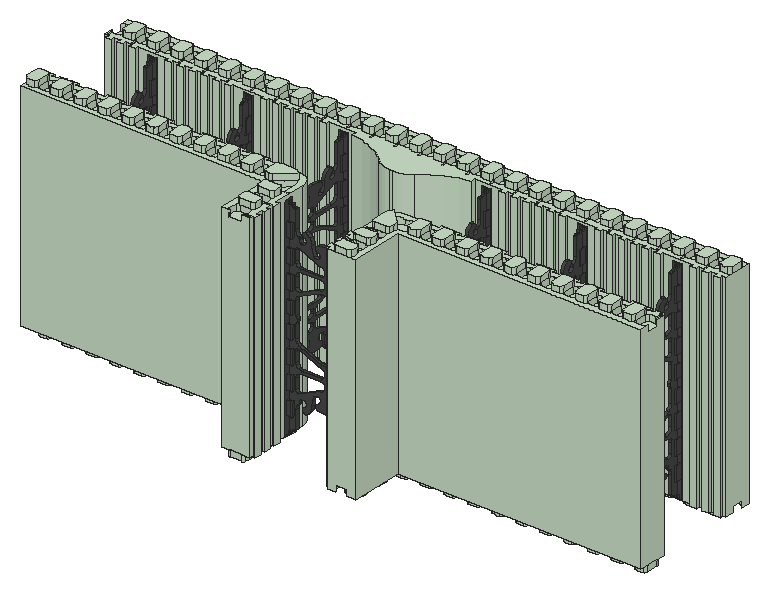
Revit family (continued)
Definition of nested family "6 inch Insert Web"
  Forms (in)
    Extrusion 2, solid, material "Polypropylene"
      sketch origin (0, 0, 0) x (0, 1, 0) y (0, 0, 1)
        loop
          arc (-2.1843, 2.77745) -> (-1.73923, 3.10405) -> (-1.77171, 2.55296) r 0.305
          arc (-1.77171, 2.55296) -> (-1.89426, 2.26698) -> (-1.60829, 2.14443) r 0.22
          arc (-1.60829, 2.14443) -> (-1.25428, 2.43963) -> (-1.14171, 2.8866) r 0.745
          arc (-1.14171, 2.8866) -> (-1.09808, 3.30155) -> (-0.96932, 3.69841) r 2
          arc (-0.96932, 3.69841) -> (-0.47025, 3.70214) -> (-0.63581, 3.23133) r 0.305
          arc (-0.63581, 3.23133) -> (-0.81067, 3.00701) -> (-0.64859, 2.77328) r 0.24
          arc (-0.64859, 2.77328) -> (-0.32877, 2.6924) -> (0, 2.66519) r 2
          arc (0, 2.66519) -> (0.32877, 2.6924) -> (0.64859, 2.77328) r 2
          arc (0.64859, 2.77328) -> (0.81067, 3.00701) -> (0.63581, 3.23133) r 0.24
          arc (0.63581, 3.23133) -> (0.47025, 3.70214) -> (0.96932, 3.69841) r 0.305
          arc (0.96932, 3.69841) -> (1.09808, 3.30155) -> (1.14171, 2.8866) r 2
          arc (1.14171, 2.8866) -> (1.25428, 2.43963) -> (1.60829, 2.14443) r 0.745
          arc (1.60829, 2.14443) -> (1.89426, 2.26698) -> (1.77171, 2.55296) r 0.22
          arc (1.77171, 2.55296) -> (1.73923, 3.10405) -> (2.1843, 2.77745) r 0.305
          arc (2.1843, 2.77745) -> (2.19232, 2.70357) -> (2.24086, 2.6473) r 0.125
          arc (2.24086, 2.6473) -> (2.43087, 2.44746) -> (2.5, 2.18051) r 0.55
          line (2.5, 2.18051) -> (2.5, 0.66519) -> (2.6, 0.66519) -> (2.6, 0.63412)
          arc (2.6, 0.63412) -> (2.61433, 0.59952) -> (2.64893, 0.58519) r 0.04893
          line (2.64893, 0.58519) -> (2.77609, 0.58519) -> (2.825, 0.43519)
          arc (2.825, 0.43519) -> (2.875, 0.40519) -> (2.925, 0.43519) r 0.05667
          line (2.925, 0.43519) -> (3, 0.66519) -> (3, 17.20772)
        loop
          line (0.3725, 12.82772) -> (2, 12.82772)
          arc (2, 12.82772) -> (2.35355, 12.97417) -> (2.5, 13.32772) r 0.5
          line (2.5, 13.32772) -> (2.5, 14.17596)
          arc (2.5, 14.17596) -> (2.38418, 14.38691) -> (2.14403, 14.40239) r 0.25
          line (2.14403, 14.40239) -> (0.95372, 13.84533)
          arc (0.95372, 13.84533) -> (0.66944, 13.7351) -> (0.37286, 13.66431) r 2.25
          arc (0.37286, 13.66431) -> (0.14871, 13.53669) -> (0.06, 13.29449) r 0.375
          line (0.06, 13.29449) -> (0.06, 13.14022)
          arc (0.06, 13.14022) -> (0.15153, 12.91925) -> (0.3725, 12.82772) r 0.3125
        loop
          arc (-0.06, 13.29449) -> (-0.14871, 13.53669) -> (-0.37286, 13.66431) r 0.375
          arc (-0.37286, 13.66431) -> (-0.66944, 13.7351) -> (-0.95372, 13.84533) r 2.25
          line (-0.95372, 13.84533) -> (-2.14403, 14.40239)
          arc (-2.14403, 14.40239) -> (-2.38418, 14.38691) -> (-2.5, 14.17596) r 0.25
          line (-2.5, 14.17596) -> (-2.5, 13.32772)
          arc (-2.5, 13.32772) -> (-2.35355, 12.97417) -> (-2, 12.82772) r 0.5
          line (-2, 12.82772) -> (-0.3725, 12.82772)
          arc (-0.3725, 12.82772) -> (-0.15153, 12.91925) -> (-0.06, 13.14022) r 0.3125
          line (-0.06, 13.14022) -> (-0.06, 13.29449)
        loop
          line (-2.5, 12.14772) -> (-2.5, 11.29949)
          arc (-2.5, 11.29949) -> (-2.38418, 11.08854) -> (-2.14403, 11.07306) r 0.25
          line (-2.14403, 11.07306) -> (-0.95372, 11.63012)
          arc (-0.95372, 11.63012) -> (-0.66944, 11.74035) -> (-0.37286, 11.81114) r 2.25
          arc (-0.37286, 11.81114) -> (-0.14871, 11.93876) -> (-0.06, 12.18096) r 0.375
          line (-0.06, 12.18096) -> (-0.06, 12.33522)
          arc (-0.06, 12.33522) -> (-0.15153, 12.5562) -> (-0.3725, 12.64772) r 0.3125
          line (-0.3725, 12.64772) -> (-2, 12.64772)
          arc (-2, 12.64772) -> (-2.35355, 12.50128) -> (-2.5, 12.14772) r 0.5
        loop
          line (0.06, 12.33522) -> (0.06, 12.18096)
          arc (0.06, 12.18096) -> (0.14871, 11.93876) -> (0.37286, 11.81114) r 0.375
          arc (0.37286, 11.81114) -> (0.66944, 11.74035) -> (0.95372, 11.63012) r 2.25
          line (0.95372, 11.63012) -> (2.14403, 11.07306)
          arc (2.14403, 11.07306) -> (2.38418, 11.08854) -> (2.5, 11.29949) r 0.25
          line (2.5, 11.29949) -> (2.5, 12.14772)
          arc (2.5, 12.14772) -> (2.35355, 12.50128) -> (2, 12.64772) r 0.5
          line (2, 12.64772) -> (0.3725, 12.64772)
          arc (0.3725, 12.64772) -> (0.15153, 12.5562) -> (0.06, 12.33522) r 0.3125
        loop
          line (-2.5, 9.24881) -> (-2.38, 9.04881) -> (-2.38, 8.93646) -> (-2.38, 8.82411) -> (-2.5, 8.62411) -> (-2.5, 7.48324)
          arc (-2.5, 7.48324) -> (-2.42188, 7.21488) -> (-2.21194, 7.03038) r 0.5
          line (-2.21194, 7.03038) -> (-0.95372, 6.44153)
          arc (-0.95372, 6.44153) -> (-0.48851, 6.28308) -> (0, 6.2294) r 2.25
          arc (0, 6.2294) -> (0.48851, 6.28308) -> (0.95372, 6.44153) r 2.25
          line (0.95372, 6.44153) -> (2.21194, 7.03038)
          arc (2.21194, 7.03038) -> (2.42188, 7.21488) -> (2.5, 7.48324) r 0.5
          line (2.5, 7.48324) -> (2.5, 8.62411) -> (2.38, 8.82411) -> (2.38, 8.93646) -> (2.38, 9.04881) -> (2.5, 9.24881) -> (2.5, 10.38968)
          arc (2.5, 10.38968) -> (2.42188, 10.65803) -> (2.21194, 10.84254) r 0.5
          line (2.21194, 10.84254) -> (0.95372, 11.43138)
          arc (0.95372, 11.43138) -> (0.48851, 11.58984) -> (0, 11.64351) r 2.25
          arc (0, 11.64351) -> (-0.48851, 11.58984) -> (-0.95372, 11.43138) r 2.25
          line (-0.95372, 11.43138) -> (-2.21194, 10.84254)
          arc (-2.21194, 10.84254) -> (-2.42188, 10.65803) -> (-2.5, 10.38968) r 0.5
          line (-2.5, 10.38968) -> (-2.5, 9.24881)
        loop
          line (-2.5, 6.57343) -> (-2.5, 5.72519)
          arc (-2.5, 5.72519) -> (-2.35355, 5.37164) -> (-2, 5.22519) r 0.5
          line (-2, 5.22519) -> (-0.3725, 5.22519)
          arc (-0.3725, 5.22519) -> (-0.15153, 5.31672) -> (-0.06, 5.53769) r 0.3125
          line (-0.06, 5.53769) -> (-0.06, 5.69196)
          arc (-0.06, 5.69196) -> (-0.14871, 5.93416) -> (-0.37286, 6.06178) r 0.375
          arc (-0.37286, 6.06178) -> (-0.66944, 6.13256) -> (-0.95372, 6.2428) r 2.25
          line (-0.95372, 6.2428) -> (-2.14403, 6.79986)
          arc (-2.14403, 6.79986) -> (-2.38418, 6.78437) -> (-2.5, 6.57343) r 0.25
        loop
          line (0.3725, 5.22519) -> (2, 5.22519)
          arc (2, 5.22519) -> (2.35355, 5.37164) -> (2.5, 5.72519) r 0.5
          line (2.5, 5.72519) -> (2.5, 6.57343)
          arc (2.5, 6.57343) -> (2.38418, 6.78437) -> (2.14403, 6.79986) r 0.25
          line (2.14403, 6.79986) -> (0.95372, 6.2428)
          arc (0.95372, 6.2428) -> (0.66944, 6.13256) -> (0.37286, 6.06178) r 2.25
          arc (0.37286, 6.06178) -> (0.14871, 5.93416) -> (0.06, 5.69196) r 0.375
          line (0.06, 5.69196) -> (0.06, 5.53769)
          arc (0.06, 5.53769) -> (0.15153, 5.31672) -> (0.3725, 5.22519) r 0.3125
        loop
          line (0.06, 4.73269) -> (0.06, 4.57842)
          arc (0.06, 4.57842) -> (0.14871, 4.33622) -> (0.37286, 4.20861) r 0.375
          arc (0.37286, 4.20861) -> (0.66944, 4.13782) -> (0.95372, 4.02759) r 2.25
          line (0.95372, 4.02759) -> (2.14403, 3.47052)
          arc (2.14403, 3.47052) -> (2.38418, 3.48601) -> (2.5, 3.69695) r 0.25
          line (2.5, 3.69695) -> (2.5, 4.54519)
          arc (2.5, 4.54519) -> (2.35355, 4.89874) -> (2, 5.04519) r 0.5
          line (2, 5.04519) -> (0.3725, 5.04519)
          arc (0.3725, 5.04519) -> (0.15153, 4.95366) -> (0.06, 4.73269) r 0.3125
        loop
          line (-0.06, 4.57842) -> (-0.06, 4.73269)
          arc (-0.06, 4.73269) -> (-0.15153, 4.95366) -> (-0.3725, 5.04519) r 0.3125
          line (-0.3725, 5.04519) -> (-2, 5.04519)
          arc (-2, 5.04519) -> (-2.35355, 4.89874) -> (-2.5, 4.54519) r 0.5
          line (-2.5, 4.54519) -> (-2.5, 3.69695)
          arc (-2.5, 3.69695) -> (-2.38418, 3.48601) -> (-2.14403, 3.47052) r 0.25
          line (-2.14403, 3.47052) -> (-0.95372, 4.02759)
          arc (-0.95372, 4.02759) -> (-0.66944, 4.13782) -> (-0.37286, 4.20861) r 2.25
          arc (-0.37286, 4.20861) -> (-0.14871, 4.33622) -> (-0.06, 4.57842) r 0.375
      from 0.125 to -0.125
    Extrusion 3, solid, material "High Density Polystyrene"
      sketch origin (0, 0, 0) x (0, 1, 0) y (0, 0, 1)
        loop
          line (3.21, 16.17792) -> (2.71, 16.17792) -> (2.71, 14.97792) -> (3.21, 14.97792) -> (3.21, 16.17792)
        loop
          line (3.21, 14.22792) -> (2.71, 14.22792) -> (2.71, 13.02792) -> (3.21, 13.02792) -> (3.21, 14.22792)
        loop
          line (3.21, 12.27792) -> (2.71, 12.27792) -> (2.71, 11.07792) -> (3.21, 11.07792) -> (3.21, 12.27792)
        loop
          line (3.21, 10.32792) -> (2.71, 10.32792) -> (2.71, 9.24792) -> (3.21, 9.24792) -> (3.21, 10.32792)
        loop
          line (3.21, 8.49792) -> (2.71, 8.49792) -> (2.71, 7.41792) -> (3.21, 7.41792) -> (3.21, 8.49792)
        loop
          line (3.21, 6.66792) -> (2.71, 6.66792) -> (2.71, 5.46792) -> (3.21, 5.46792) -> (3.21, 6.66792)
        loop
          line (3.21, 4.71792) -> (2.71, 4.71792) -> (2.71, 3.51792) -> (3.21, 3.51792) -> (3.21, 4.71792)
        loop
          line (3.21, 2.76792) -> (2.71, 2.76792) -> (2.71, 1.56792) -> (3.21, 1.56792) -> (3.21, 2.76792)
        loop
          line (-3.21, 16.17792) -> (-3.21, 14.97792) -> (-2.71, 14.97792) -> (-2.71, 16.17792) -> (-3.21, 16.17792)
        loop
          line (-3.21, 14.22792) -> (-3.21, 13.02792) -> (-2.71, 13.02792) -> (-2.71, 14.22792) -> (-3.21, 14.22792)
        loop
          line (-3.21, 12.27792) -> (-3.21, 11.07792) -> (-2.71, 11.07792) -> (-2.71, 12.27792) -> (-3.21, 12.27792)
        loop
          line (-3.21, 10.32792) -> (-3.21, 9.24792) -> (-2.71, 9.24792) -> (-2.71, 10.32792) -> (-3.21, 10.32792)
        loop
          line (-3.21, 8.49792) -> (-3.21, 7.41792) -> (-2.71, 7.41792) -> (-2.71, 8.49792) -> (-3.21, 8.49792)
        loop
          line (-3.21, 6.66792) -> (-3.21, 5.46792) -> (-2.71, 5.46792) -> (-2.71, 6.66792) -> (-3.21, 6.66792)
        loop
          line (-3.21, 4.71792) -> (-3.21, 3.51792) -> (-2.71, 3.51792) -> (-2.71, 4.71792) -> (-3.21, 4.71792)
        loop
          line (-3.21, 2.76792) -> (-3.21, 1.56792) -> (-2.71, 1.56792) -> (-2.71, 2.76792) -> (-3.21, 2.76792)
      from 0.25 to -0.25
    Extrusion 4, void
      sketch origin (0, 0, 0) x (1, 0, 0) y (0, 1, 0)
        loop
          line (-0.25, 2.79249) -> (-0.25, 2.71) -> (-0.1675, 2.71)
          arc (-0.1675, 2.71) -> (-0.22584, 2.73416) -> (-0.25, 2.79249) r 0.0825
      from 0 to 18
    Extrusion 5, void
      sketch origin (0, 0, 0) x (-1, 0, 0) y (0, -1, 0)
        loop
          arc (-0.25, -2.79249) -> (-0.22584, -2.73416) -> (-0.1675, -2.71) r 0.0825
          line (-0.1675, -2.71) -> (-0.25, -2.71) -> (-0.25, -2.79249)
      from 0 to 18
    Extrusion 6, void
      sketch origin (0, 0, 0) x (1, 0, 0) y (0, 1, 0)
        loop
          arc (-0.25, -2.79249) -> (-0.22584, -2.73416) -> (-0.1675, -2.71) r 0.0825
          line (-0.1675, -2.71) -> (-0.25, -2.71) -> (-0.25, -2.79249)
      from 0 to 18
    Extrusion 7, void
      sketch origin (0, 0, 0) x (-1, 0, 0) y (0, -1, 0)
        loop
          line (-0.25, 2.79249) -> (-0.25, 2.71) -> (-0.1675, 2.71)
          arc (-0.1675, 2.71) -> (-0.22584, 2.73416) -> (-0.25, 2.79249) r 0.0825
      from 0 to 18
  Cuts and joins
    Extrusion 4, Extrusion 5, Extrusion 6, Extrusion 7 cuts Extrusion 1
    Extrusion 4, Extrusion 5, Extrusion 6, Extrusion 7 cuts Extrusion 3
Definition of nested family "NUDURA Diamond Pattern Missing Two Lines"
  Reference planes (in)
    plane 1 "Center (Front/Back)": y = 0
    plane 2: z = 0
    plane 3 "Center (Left/Right)": x = 0
    plane 4: z = 18
  Lines and regions (in)
    model lines
      curve 1: line (2, -5.625, 18) -> (2, -5.625, 0)
      curve 2: line (3.35367, -5.625, 16.98484) -> (3.69709, -5.625, 16.64142)
      curve 3: arc (3.35367, -5.625, 17.51517) -> (3.24384, -5.625, 17.25) -> (3.35367, -5.625, 16.98484) r 0.375
      curve 4: line (3.72867, -5.625, 17.89017) -> (3.35367, -5.625, 17.51517)
      curve 5: arc (4.259, -5.625, 17.89017) -> (3.99384, -5.625, 18) -> (3.72867, -5.625, 17.89017) r 0.375
      curve 6: line (4.634, -5.625, 17.51517) -> (4.259, -5.625, 17.89017)
      curve 7: arc (4.634, -5.625, 16.98484) -> (4.74384, -5.625, 17.25) -> (4.634, -5.625, 17.51517) r 0.375
      curve 8: line (4.29059, -5.625, 16.64142) -> (4.634, -5.625, 16.98484)
      curve 9: arc (4.17062, -5.625, 17.80178) -> (3.99384, -5.625, 17.875) -> (3.81706, -5.625, 17.80178) r 0.25
      curve 10: line (4.54562, -5.625, 17.42678) -> (4.17062, -5.625, 17.80178)
      curve 11: arc (4.54562, -5.625, 17.07322) -> (4.61884, -5.625, 17.25) -> (4.54562, -5.625, 17.42678) r 0.25
      curve 12: line (4.17062, -5.625, 16.69822) -> (4.54562, -5.625, 17.07322)
      curve 13: arc (3.81706, -5.625, 16.69822) -> (3.99384, -5.625, 16.625) -> (4.17062, -5.625, 16.69822) r 0.25
      curve 14: line (3.44206, -5.625, 17.07322) -> (3.81706, -5.625, 16.69822)
      curve 15: arc (3.44206, -5.625, 17.42678) -> (3.36884, -5.625, 17.25) -> (3.44206, -5.625, 17.07322) r 0.25
      curve 16: line (3.81706, -5.625, 17.80178) -> (3.44206, -5.625, 17.42678)
      curve 17: arc (3.69709, -5.625, 16.35858) -> (3.75567, -5.625, 16.5) -> (3.69709, -5.625, 16.64142) r 0.2
      curve 18: line (4.634, -5.625, 16.01517) -> (4.29059, -5.625, 16.35858)
      curve 19: arc (4.634, -5.625, 15.48484) -> (4.74384, -5.625, 15.75) -> (4.634, -5.625, 16.01517) r 0.375
      curve 20: line (4.29059, -5.625, 15.14142) -> (4.634, -5.625, 15.48484)
      curve 21: line (3.35367, -5.625, 15.48484) -> (3.69709, -5.625, 15.14142)
      curve 22: arc (3.35367, -5.625, 16.01517) -> (3.24384, -5.625, 15.75) -> (3.35367, -5.625, 15.48484) r 0.375
      curve 23: line (3.69709, -5.625, 16.35858) -> (3.35367, -5.625, 16.01517)
      curve 24: arc (4.17062, -5.625, 16.30178) -> (3.99384, -5.625, 16.375) -> (3.81706, -5.625, 16.30178) r 0.25
      curve 25: line (3.81706, -5.625, 16.30178) -> (3.44206, -5.625, 15.92678)
      curve 26: arc (3.44206, -5.625, 15.92678) -> (3.36884, -5.625, 15.75) -> (3.44206, -5.625, 15.57322) r 0.25
      curve 27: line (3.44206, -5.625, 15.57322) -> (3.81706, -5.625, 15.19822)
      curve 28: arc (3.81706, -5.625, 15.19822) -> (3.99384, -5.625, 15.125) -> (4.17062, -5.625, 15.19822) r 0.25
      curve 29: line (4.17062, -5.625, 15.19822) -> (4.54562, -5.625, 15.57322)
      curve 30: arc (4.54562, -5.625, 15.57322) -> (4.61884, -5.625, 15.75) -> (4.54562, -5.625, 15.92678) r 0.25
      curve 31: line (4.54562, -5.625, 15.92678) -> (4.17062, -5.625, 16.30178)
      curve 32: arc (3.69709, -5.625, 14.85858) -> (3.75567, -5.625, 15) -> (3.69709, -5.625, 15.14142) r 0.2
      curve 33: line (4.634, -5.625, 14.51517) -> (4.29059, -5.625, 14.85858)
      curve 34: arc (4.634, -5.625, 13.98484) -> (4.74384, -5.625, 14.25) -> (4.634, -5.625, 14.51517) r 0.375
      curve 35: line (4.29059, -5.625, 13.64142) -> (4.634, -5.625, 13.98484)
      curve 36: line (3.35367, -5.625, 13.98484) -> (3.69709, -5.625, 13.64142)
      curve 37: arc (3.35367, -5.625, 14.51517) -> (3.24384, -5.625, 14.25) -> (3.35367, -5.625, 13.98484) r 0.375
      curve 38: line (3.69709, -5.625, 14.85858) -> (3.35367, -5.625, 14.51517)
      curve 39: arc (4.17062, -5.625, 14.80178) -> (3.99384, -5.625, 14.875) -> (3.81706, -5.625, 14.80178) r 0.25
      curve 40: line (3.81706, -5.625, 14.80178) -> (3.44206, -5.625, 14.42678)
      curve 41: arc (3.44206, -5.625, 14.42678) -> (3.36884, -5.625, 14.25) -> (3.44206, -5.625, 14.07322) r 0.25
      curve 42: line (3.44206, -5.625, 14.07322) -> (3.81706, -5.625, 13.69822)
      curve 43: arc (3.81706, -5.625, 13.69822) -> (3.99384, -5.625, 13.625) -> (4.17062, -5.625, 13.69822) r 0.25
      curve 44: line (4.17062, -5.625, 13.69822) -> (4.54562, -5.625, 14.07322)
      curve 45: arc (4.54562, -5.625, 14.07322) -> (4.61884, -5.625, 14.25) -> (4.54562, -5.625, 14.42678) r 0.25
      curve 46: line (4.54562, -5.625, 14.42678) -> (4.17062, -5.625, 14.80178)
      curve 47: arc (3.69709, -5.625, 13.35858) -> (3.75567, -5.625, 13.5) -> (3.69709, -5.625, 13.64142) r 0.2
      curve 48: line (4.634, -5.625, 13.01517) -> (4.29059, -5.625, 13.35858)
      curve 49: arc (4.634, -5.625, 12.48484) -> (4.74384, -5.625, 12.75) -> (4.634, -5.625, 13.01517) r 0.375
      curve 50: line (4.29059, -5.625, 12.14142) -> (4.634, -5.625, 12.48484)
      curve 51: line (3.35367, -5.625, 12.48484) -> (3.69709, -5.625, 12.14142)
      curve 52: arc (3.35367, -5.625, 13.01517) -> (3.24384, -5.625, 12.75) -> (3.35367, -5.625, 12.48484) r 0.375
      curve 53: line (3.69709, -5.625, 13.35858) -> (3.35367, -5.625, 13.01517)
      curve 54: arc (4.17062, -5.625, 13.30178) -> (3.99384, -5.625, 13.375) -> (3.81706, -5.625, 13.30178) r 0.25
      curve 55: line (3.81706, -5.625, 13.30178) -> (3.44206, -5.625, 12.92678)
      curve 56: arc (3.44206, -5.625, 12.92678) -> (3.36884, -5.625, 12.75) -> (3.44206, -5.625, 12.57322) r 0.25
      curve 57: line (3.44206, -5.625, 12.57322) -> (3.81706, -5.625, 12.19822)
      curve 58: arc (3.81706, -5.625, 12.19822) -> (3.99384, -5.625, 12.125) -> (4.17062, -5.625, 12.19822) r 0.25
      curve 59: line (4.17062, -5.625, 12.19822) -> (4.54562, -5.625, 12.57322)
      curve 60: arc (4.54562, -5.625, 12.57322) -> (4.61884, -5.625, 12.75) -> (4.54562, -5.625, 12.92678) r 0.25
      curve 61: line (4.54562, -5.625, 12.92678) -> (4.17062, -5.625, 13.30178)
      curve 62: arc (3.69709, -5.625, 11.85858) -> (3.75567, -5.625, 12) -> (3.69709, -5.625, 12.14142) r 0.2
      curve 63: line (4.634, -5.625, 11.51517) -> (4.29059, -5.625, 11.85858)
      curve 64: arc (4.634, -5.625, 10.98484) -> (4.74384, -5.625, 11.25) -> (4.634, -5.625, 11.51517) r 0.375
      curve 65: line (4.29059, -5.625, 10.64142) -> (4.634, -5.625, 10.98484)
      curve 66: line (3.35367, -5.625, 10.98484) -> (3.69709, -5.625, 10.64142)
      curve 67: arc (3.35367, -5.625, 11.51517) -> (3.24384, -5.625, 11.25) -> (3.35367, -5.625, 10.98484) r 0.375
      curve 68: line (3.69709, -5.625, 11.85858) -> (3.35367, -5.625, 11.51517)
      curve 69: arc (4.17062, -5.625, 11.80178) -> (3.99384, -5.625, 11.875) -> (3.81706, -5.625, 11.80178) r 0.25
      curve 70: line (3.81706, -5.625, 11.80178) -> (3.44206, -5.625, 11.42678)
      curve 71: arc (3.44206, -5.625, 11.42678) -> (3.36884, -5.625, 11.25) -> (3.44206, -5.625, 11.07322) r 0.25
      curve 72: line (3.44206, -5.625, 11.07322) -> (3.81706, -5.625, 10.69822)
      curve 73: arc (3.81706, -5.625, 10.69822) -> (3.99384, -5.625, 10.625) -> (4.17062, -5.625, 10.69822) r 0.25
      curve 74: line (4.17062, -5.625, 10.69822) -> (4.54562, -5.625, 11.07322)
      curve 75: arc (4.54562, -5.625, 11.07322) -> (4.61884, -5.625, 11.25) -> (4.54562, -5.625, 11.42678) r 0.25
      curve 76: line (4.54562, -5.625, 11.42678) -> (4.17062, -5.625, 11.80178)
      curve 77: arc (3.69709, -5.625, 10.35858) -> (3.75567, -5.625, 10.5) -> (3.69709, -5.625, 10.64142) r 0.2
      curve 78: line (4.634, -5.625, 10.01517) -> (4.29059, -5.625, 10.35858)
      curve 79: arc (4.634, -5.625, 9.48484) -> (4.74384, -5.625, 9.75) -> (4.634, -5.625, 10.01517) r 0.375
      curve 80: line (4.29059, -5.625, 9.14142) -> (4.634, -5.625, 9.48484)
      curve 81: line (3.35367, -5.625, 9.48484) -> (3.69709, -5.625, 9.14142)
      curve 82: arc (3.35367, -5.625, 10.01517) -> (3.24384, -5.625, 9.75) -> (3.35367, -5.625, 9.48484) r 0.375
      curve 83: line (3.69709, -5.625, 10.35858) -> (3.35367, -5.625, 10.01517)
      curve 84: arc (4.17062, -5.625, 10.30178) -> (3.99384, -5.625, 10.375) -> (3.81706, -5.625, 10.30178) r 0.25
      curve 85: line (3.81706, -5.625, 10.30178) -> (3.44206, -5.625, 9.92678)
      curve 86: arc (3.44206, -5.625, 9.92678) -> (3.36884, -5.625, 9.75) -> (3.44206, -5.625, 9.57322) r 0.25
      curve 87: line (3.44206, -5.625, 9.57322) -> (3.81706, -5.625, 9.19822)
      curve 88: arc (3.81706, -5.625, 9.19822) -> (3.99384, -5.625, 9.125) -> (4.17062, -5.625, 9.19822) r 0.25
      curve 89: line (4.17062, -5.625, 9.19822) -> (4.54562, -5.625, 9.57322)
      curve 90: arc (4.54562, -5.625, 9.57322) -> (4.61884, -5.625, 9.75) -> (4.54562, -5.625, 9.92678) r 0.25
      curve 91: line (4.54562, -5.625, 9.92678) -> (4.17062, -5.625, 10.30178)
      curve 92: arc (3.69709, -5.625, 8.85858) -> (3.75567, -5.625, 9) -> (3.69709, -5.625, 9.14142) r 0.2
      curve 93: line (4.634, -5.625, 8.51517) -> (4.29059, -5.625, 8.85858)
      curve 94: arc (4.634, -5.625, 7.98484) -> (4.74384, -5.625, 8.25) -> (4.634, -5.625, 8.51517) r 0.375
      curve 95: line (4.29059, -5.625, 7.64142) -> (4.634, -5.625, 7.98484)
      curve 96: line (3.35367, -5.625, 7.98484) -> (3.69709, -5.625, 7.64142)
      curve 97: arc (3.35367, -5.625, 8.51517) -> (3.24384, -5.625, 8.25) -> (3.35367, -5.625, 7.98484) r 0.375
      curve 98: line (3.69709, -5.625, 8.85858) -> (3.35367, -5.625, 8.51517)
      curve 99: arc (4.17062, -5.625, 8.80178) -> (3.99384, -5.625, 8.875) -> (3.81706, -5.625, 8.80178) r 0.25
      curve 100: line (3.81706, -5.625, 8.80178) -> (3.44206, -5.625, 8.42678)
      curve 101: arc (3.44206, -5.625, 8.42678) -> (3.36884, -5.625, 8.25) -> (3.44206, -5.625, 8.07322) r 0.25
      curve 102: line (3.44206, -5.625, 8.07322) -> (3.81706, -5.625, 7.69822)
      curve 103: arc (3.81706, -5.625, 7.69822) -> (3.99384, -5.625, 7.625) -> (4.17062, -5.625, 7.69822) r 0.25
      curve 104: line (4.17062, -5.625, 7.69822) -> (4.54562, -5.625, 8.07322)
      curve 105: arc (4.54562, -5.625, 8.07322) -> (4.61884, -5.625, 8.25) -> (4.54562, -5.625, 8.42678) r 0.25
      curve 106: line (4.54562, -5.625, 8.42678) -> (4.17062, -5.625, 8.80178)
      curve 107: arc (3.69709, -5.625, 7.35858) -> (3.75567, -5.625, 7.5) -> (3.69709, -5.625, 7.64142) r 0.2
      curve 108: line (4.634, -5.625, 7.01517) -> (4.29059, -5.625, 7.35858)
      curve 109: arc (4.634, -5.625, 6.48484) -> (4.74384, -5.625, 6.75) -> (4.634, -5.625, 7.01517) r 0.375
      curve 110: line (4.29059, -5.625, 6.14142) -> (4.634, -5.625, 6.48484)
      curve 111: line (3.35367, -5.625, 6.48484) -> (3.69709, -5.625, 6.14142)
      curve 112: arc (3.35367, -5.625, 7.01517) -> (3.24384, -5.625, 6.75) -> (3.35367, -5.625, 6.48484) r 0.375
      curve 113: line (3.69709, -5.625, 7.35858) -> (3.35367, -5.625, 7.01517)
      curve 114: arc (4.17062, -5.625, 7.30178) -> (3.99384, -5.625, 7.375) -> (3.81706, -5.625, 7.30178) r 0.25
      curve 115: line (3.81706, -5.625, 7.30178) -> (3.44206, -5.625, 6.92678)
      curve 116: arc (3.44206, -5.625, 6.92678) -> (3.36884, -5.625, 6.75) -> (3.44206, -5.625, 6.57322) r 0.25
      curve 117: line (3.44206, -5.625, 6.57322) -> (3.81706, -5.625, 6.19822)
      curve 118: arc (3.81706, -5.625, 6.19822) -> (3.99384, -5.625, 6.125) -> (4.17062, -5.625, 6.19822) r 0.25
      curve 119: line (4.17062, -5.625, 6.19822) -> (4.54562, -5.625, 6.57322)
      curve 120: arc (4.54562, -5.625, 6.57322) -> (4.61884, -5.625, 6.75) -> (4.54562, -5.625, 6.92678) r 0.25
      curve 121: line (4.54562, -5.625, 6.92678) -> (4.17062, -5.625, 7.30178)
      curve 122: arc (3.69709, -5.625, 5.85858) -> (3.75567, -5.625, 6) -> (3.69709, -5.625, 6.14142) r 0.2
      curve 123: line (4.634, -5.625, 5.51517) -> (4.29059, -5.625, 5.85858)
      curve 124: arc (4.634, -5.625, 4.98484) -> (4.74384, -5.625, 5.25) -> (4.634, -5.625, 5.51517) r 0.375
      curve 125: line (4.29059, -5.625, 4.64142) -> (4.634, -5.625, 4.98484)
      curve 126: line (3.35367, -5.625, 4.98484) -> (3.69709, -5.625, 4.64142)
      curve 127: arc (3.35367, -5.625, 5.51517) -> (3.24384, -5.625, 5.25) -> (3.35367, -5.625, 4.98484) r 0.375
      curve 128: line (3.69709, -5.625, 5.85858) -> (3.35367, -5.625, 5.51517)
      curve 129: arc (4.17062, -5.625, 5.80178) -> (3.99384, -5.625, 5.875) -> (3.81706, -5.625, 5.80178) r 0.25
      curve 130: line (3.81706, -5.625, 5.80178) -> (3.44206, -5.625, 5.42678)
      curve 131: arc (3.44206, -5.625, 5.42678) -> (3.36884, -5.625, 5.25) -> (3.44206, -5.625, 5.07322) r 0.25
      curve 132: line (3.44206, -5.625, 5.07322) -> (3.81706, -5.625, 4.69822)
      curve 133: arc (3.81706, -5.625, 4.69822) -> (3.99384, -5.625, 4.625) -> (4.17062, -5.625, 4.69822) r 0.25
      curve 134: line (4.17062, -5.625, 4.69822) -> (4.54562, -5.625, 5.07322)
      curve 135: arc (4.54562, -5.625, 5.07322) -> (4.61884, -5.625, 5.25) -> (4.54562, -5.625, 5.42678) r 0.25
      curve 136: line (4.54562, -5.625, 5.42678) -> (4.17062, -5.625, 5.80178)
      curve 137: arc (3.69709, -5.625, 4.35858) -> (3.75567, -5.625, 4.5) -> (3.69709, -5.625, 4.64142) r 0.2
      curve 138: line (4.634, -5.625, 4.01517) -> (4.29059, -5.625, 4.35858)
      curve 139: arc (4.634, -5.625, 3.48484) -> (4.74384, -5.625, 3.75) -> (4.634, -5.625, 4.01517) r 0.375
      curve 140: line (4.29059, -5.625, 3.14142) -> (4.634, -5.625, 3.48484)
      curve 141: line (3.35367, -5.625, 3.48484) -> (3.69709, -5.625, 3.14142)
      curve 142: arc (3.35367, -5.625, 4.01517) -> (3.24384, -5.625, 3.75) -> (3.35367, -5.625, 3.48484) r 0.375
      curve 143: line (3.69709, -5.625, 4.35858) -> (3.35367, -5.625, 4.01517)
      curve 144: arc (4.17062, -5.625, 4.30178) -> (3.99384, -5.625, 4.375) -> (3.81706, -5.625, 4.30178) r 0.25
      curve 145: line (3.81706, -5.625, 4.30178) -> (3.44206, -5.625, 3.92678)
      curve 146: arc (3.44206, -5.625, 3.92678) -> (3.36884, -5.625, 3.75) -> (3.44206, -5.625, 3.57322) r 0.25
      curve 147: line (3.44206, -5.625, 3.57322) -> (3.81706, -5.625, 3.19822)
      curve 148: arc (3.81706, -5.625, 3.19822) -> (3.99384, -5.625, 3.125) -> (4.17062, -5.625, 3.19822) r 0.25
      curve 149: line (4.17062, -5.625, 3.19822) -> (4.54562, -5.625, 3.57322)
      curve 150: arc (4.54562, -5.625, 3.57322) -> (4.61884, -5.625, 3.75) -> (4.54562, -5.625, 3.92678) r 0.25
      curve 151: line (4.54562, -5.625, 3.92678) -> (4.17062, -5.625, 4.30178)
      curve 152: arc (3.69709, -5.625, 2.85858) -> (3.75567, -5.625, 3) -> (3.69709, -5.625, 3.14142) r 0.2
      curve 153: line (4.634, -5.625, 2.51517) -> (4.29059, -5.625, 2.85858)
      curve 154: arc (4.634, -5.625, 1.98484) -> (4.74384, -5.625, 2.25) -> (4.634, -5.625, 2.51517) r 0.375
      curve 155: line (4.29059, -5.625, 1.64142) -> (4.634, -5.625, 1.98484)
      curve 156: line (3.35367, -5.625, 1.98484) -> (3.69709, -5.625, 1.64142)
      curve 157: arc (3.35367, -5.625, 2.51517) -> (3.24384, -5.625, 2.25) -> (3.35367, -5.625, 1.98484) r 0.375
      curve 158: line (3.69709, -5.625, 2.85858) -> (3.35367, -5.625, 2.51517)
      curve 159: arc (4.17062, -5.625, 2.80178) -> (3.99384, -5.625, 2.875) -> (3.81706, -5.625, 2.80178) r 0.25
      curve 160: line (3.81706, -5.625, 2.80178) -> (3.44206, -5.625, 2.42678)
      curve 161: arc (3.44206, -5.625, 2.42678) -> (3.36884, -5.625, 2.25) -> (3.44206, -5.625, 2.07322) r 0.25
      curve 162: line (3.44206, -5.625, 2.07322) -> (3.81706, -5.625, 1.69822)
      curve 163: arc (3.81706, -5.625, 1.69822) -> (3.99384, -5.625, 1.625) -> (4.17062, -5.625, 1.69822) r 0.25
      curve 164: line (4.17062, -5.625, 1.69822) -> (4.54562, -5.625, 2.07322)
      curve 165: arc (4.54562, -5.625, 2.07322) -> (4.61884, -5.625, 2.25) -> (4.54562, -5.625, 2.42678) r 0.25
      curve 166: line (4.54562, -5.625, 2.42678) -> (4.17062, -5.625, 2.80178)
      curve 167: arc (3.69709, -5.625, 1.35858) -> (3.75567, -5.625, 1.5) -> (3.69709, -5.625, 1.64142) r 0.2
      curve 168: line (3.69709, -5.625, 1.35858) -> (3.35367, -5.625, 1.01517)
      curve 169: arc (3.35367, -5.625, 1.01517) -> (3.24384, -5.625, 0.75) -> (3.35367, -5.625, 0.48484) r 0.375
      curve 170: line (3.35367, -5.625, 0.48484) -> (3.72867, -5.625, 0.10984)
      curve 171: arc (3.72867, -5.625, 0.10984) -> (3.99384, -5.625, 0) -> (4.259, -5.625, 0.10984) r 0.375
      curve 172: line (4.259, -5.625, 0.10984) -> (4.634, -5.625, 0.48484)
      curve 173: arc (4.634, -5.625, 0.48484) -> (4.74384, -5.625, 0.75) -> (4.634, -5.625, 1.01517) r 0.375
      curve 174: line (4.634, -5.625, 1.01517) -> (4.29059, -5.625, 1.35858)
      curve 175: arc (4.29059, -5.625, 1.64142) -> (4.23201, -5.625, 1.5) -> (4.29059, -5.625, 1.35858) r 0.2
      curve 176: arc (4.17062, -5.625, 1.30178) -> (3.99384, -5.625, 1.375) -> (3.81706, -5.625, 1.30178) r 0.25
      curve 177: line (4.54562, -5.625, 0.92678) -> (4.17062, -5.625, 1.30178)
      curve 178: arc (4.54562, -5.625, 0.57322) -> (4.61884, -5.625, 0.75) -> (4.54562, -5.625, 0.92678) r 0.25
      curve 179: line (4.17062, -5.625, 0.19822) -> (4.54562, -5.625, 0.57322)
      curve 180: arc (3.81706, -5.625, 0.19822) -> (3.99384, -5.625, 0.125) -> (4.17062, -5.625, 0.19822) r 0.25
      curve 181: line (3.44206, -5.625, 0.57322) -> (3.81706, -5.625, 0.19822)
      curve 182: arc (3.44206, -5.625, 0.92678) -> (3.36884, -5.625, 0.75) -> (3.44206, -5.625, 0.57322) r 0.25
      curve 183: line (3.81706, -5.625, 1.30178) -> (3.44206, -5.625, 0.92678)
      curve 184: arc (4.29059, -5.625, 3.14142) -> (4.23201, -5.625, 3) -> (4.29059, -5.625, 2.85858) r 0.2
      curve 185: arc (4.29059, -5.625, 4.64142) -> (4.23201, -5.625, 4.5) -> (4.29059, -5.625, 4.35858) r 0.2
      curve 186: arc (4.29059, -5.625, 6.14142) -> (4.23201, -5.625, 6) -> (4.29059, -5.625, 5.85858) r 0.2
      curve 187: arc (4.29059, -5.625, 7.64142) -> (4.23201, -5.625, 7.5) -> (4.29059, -5.625, 7.35858) r 0.2
      curve 188: arc (4.29059, -5.625, 9.14142) -> (4.23201, -5.625, 9) -> (4.29059, -5.625, 8.85858) r 0.2
      curve 189: arc (4.29059, -5.625, 10.64142) -> (4.23201, -5.625, 10.5) -> (4.29059, -5.625, 10.35858) r 0.2
      curve 190: arc (4.29059, -5.625, 12.14142) -> (4.23201, -5.625, 12) -> (4.29059, -5.625, 11.85858) r 0.2
      curve 191: arc (4.29059, -5.625, 13.64142) -> (4.23201, -5.625, 13.5) -> (4.29059, -5.625, 13.35858) r 0.2
      curve 192: arc (4.29059, -5.625, 15.14142) -> (4.23201, -5.625, 15) -> (4.29059, -5.625, 14.85858) r 0.2
      curve 193: arc (4.29059, -5.625, 16.64142) -> (4.23201, -5.625, 16.5) -> (4.29059, -5.625, 16.35858) r 0.2
Definition of nested family "NUDURA Logo Diamond"
  Reference planes (in)
    plane 1 "Center (Front/Back)": y = 0
    plane 2: z = 0
    plane 3 "Center (Left/Right)": x = 0
  Lines and regions (in)
    model lines
      curve 1: line (12.59848, 0, 17.50104) -> (12.24492, 0, 17.85459)
      curve 2: line (12.36113, 0, 16.76872) -> (12.59848, 0, 17.00607)
      curve 3: line (12.59848, 0, 16.00104) -> (12.36113, 0, 16.23839)
      curve 4: line (12.36113, 0, 15.26872) -> (12.59848, 0, 15.50607)
      curve 5: line (12.59848, 0, 14.50104) -> (12.36113, 0, 14.73839)
      curve 6: line (12.36113, 0, 13.76872) -> (12.59848, 0, 14.00607)
      curve 7: line (12.17421, 0, 13.28388) -> (12.71208, 0, 12.74602)
      curve 8: line (12.71208, 0, 12.74602) -> (12.78279, 0, 12.81673)
      curve 9: line (11.28279, 0, 12.74602) -> (11.82066, 0, 13.28388)
      curve 10: line (11.63374, 0, 13.23839) -> (11.21208, 0, 12.81673)
      curve 11: line (11.3964, 0, 14.00607) -> (11.63374, 0, 13.76872)
      curve 12: line (11.63374, 0, 14.73839) -> (11.3964, 0, 14.50104)
      curve 13: line (11.3964, 0, 15.50607) -> (11.63374, 0, 15.26872)
      curve 14: line (11.63374, 0, 16.23839) -> (11.3964, 0, 16.00104)
      curve 15: line (11.3964, 0, 17.00607) -> (11.63374, 0, 16.76872)
      curve 16: line (11.74995, 0, 17.85459) -> (11.3964, 0, 17.50104)
      curve 17: line (11.82066, 0, 17.78388) -> (11.46711, 0, 17.43033)
      curve 18: line (12.52777, 0, 17.43033) -> (12.17421, 0, 17.78388)
      curve 19: line (12.17421, 0, 16.72322) -> (12.52777, 0, 17.07678)
      curve 20: line (11.46711, 0, 17.07678) -> (11.82066, 0, 16.72322)
      curve 21: arc (11.3964, 0, 17.50104) -> (11.29388, 0, 17.25355) -> (11.3964, 0, 17.00607) r 0.35
      curve 22: arc (11.74995, 0, 17.85459) -> (11.99744, 0, 17.95711) -> (12.24492, 0, 17.85459) r 0.35
      curve 23: arc (11.46711, 0, 17.43033) -> (11.39388, 0, 17.25355) -> (11.46711, 0, 17.07678) r 0.25
      curve 24: arc (12.52777, 0, 17.43033) -> (12.60099, 0, 17.25355) -> (12.52777, 0, 17.07678) r 0.25
      curve 25: arc (12.17421, 0, 16.72322) -> (11.99744, 0, 16.65) -> (11.82066, 0, 16.72322) r 0.25
      curve 26: arc (11.82066, 0, 17.78388) -> (11.99744, 0, 17.85711) -> (12.17421, 0, 17.78388) r 0.25
      curve 27: arc (12.59848, 0, 17.50104) -> (12.70099, 0, 17.25355) -> (12.59848, 0, 17.00607) r 0.35
      curve 28: arc (11.63374, 0, 16.76872) -> (11.74358, 0, 16.50355) -> (11.63374, 0, 16.23839) r 0.375
      curve 29: arc (12.36113, 0, 16.76872) -> (12.2513, 0, 16.50355) -> (12.36113, 0, 16.23839) r 0.375
      curve 30: line (12.36113, 0, 15.26872) -> (12.59848, 0, 15.50607)
      curve 31: line (11.3964, 0, 15.50607) -> (11.63374, 0, 15.26872)
      curve 32: line (11.82066, 0, 16.28388) -> (11.46711, 0, 15.93033)
      curve 33: line (12.52777, 0, 15.93033) -> (12.17421, 0, 16.28388)
      curve 34: line (12.17421, 0, 15.22322) -> (12.52777, 0, 15.57678)
      curve 35: line (11.46711, 0, 15.57678) -> (11.82066, 0, 15.22322)
      curve 36: arc (11.3964, 0, 16.00104) -> (11.29388, 0, 15.75355) -> (11.3964, 0, 15.50607) r 0.35
      curve 37: arc (11.46711, 0, 15.93033) -> (11.39388, 0, 15.75355) -> (11.46711, 0, 15.57678) r 0.25
      curve 38: arc (12.52777, 0, 15.93033) -> (12.60099, 0, 15.75355) -> (12.52777, 0, 15.57678) r 0.25
      curve 39: arc (12.17421, 0, 15.22322) -> (11.99744, 0, 15.15) -> (11.82066, 0, 15.22322) r 0.25
      curve 40: arc (11.82066, 0, 16.28388) -> (11.99744, 0, 16.35711) -> (12.17421, 0, 16.28388) r 0.25
      curve 41: arc (12.59848, 0, 16.00104) -> (12.70099, 0, 15.75355) -> (12.59848, 0, 15.50607) r 0.35
      curve 42: line (11.63374, 0, 16.23839) -> (11.3964, 0, 16.00104)
      curve 43: line (12.59848, 0, 16.00104) -> (12.36113, 0, 16.23839)
      curve 44: arc (11.63374, 0, 15.26872) -> (11.74358, 0, 15.00355) -> (11.63374, 0, 14.73839) r 0.375
      curve 45: arc (12.36113, 0, 15.26872) -> (12.2513, 0, 15.00355) -> (12.36113, 0, 14.73839) r 0.375
      curve 46: line (12.36113, 0, 13.76872) -> (12.59848, 0, 14.00607)
      curve 47: line (11.3964, 0, 14.00607) -> (11.63374, 0, 13.76872)
      curve 48: line (11.82066, 0, 14.78388) -> (11.46711, 0, 14.43033)
      curve 49: line (12.52777, 0, 14.43033) -> (12.17421, 0, 14.78388)
      curve 50: line (12.17421, 0, 13.72322) -> (12.52777, 0, 14.07678)
      curve 51: line (11.46711, 0, 14.07678) -> (11.82066, 0, 13.72322)
      curve 52: arc (11.3964, 0, 14.50104) -> (11.29388, 0, 14.25355) -> (11.3964, 0, 14.00607) r 0.35
      curve 53: arc (11.46711, 0, 14.43033) -> (11.39388, 0, 14.25355) -> (11.46711, 0, 14.07678) r 0.25
      curve 54: arc (12.52777, 0, 14.43033) -> (12.60099, 0, 14.25355) -> (12.52777, 0, 14.07678) r 0.25
      curve 55: arc (12.17421, 0, 13.72322) -> (11.99744, 0, 13.65) -> (11.82066, 0, 13.72322) r 0.25
      curve 56: arc (11.82066, 0, 14.78388) -> (11.99744, 0, 14.85711) -> (12.17421, 0, 14.78388) r 0.25
      curve 57: arc (12.59848, 0, 14.50104) -> (12.70099, 0, 14.25355) -> (12.59848, 0, 14.00607) r 0.35
      curve 58: line (11.63374, 0, 14.73839) -> (11.3964, 0, 14.50104)
      curve 59: arc (11.63374, 0, 13.76872) -> (11.74358, 0, 13.50355) -> (11.63374, 0, 13.23839) r 0.375
      curve 60: arc (12.36113, 0, 13.76872) -> (12.2513, 0, 13.50355) -> (12.36113, 0, 13.23839) r 0.375
      curve 61: line (12.78279, 0, 12.81673) -> (12.36113, 0, 13.23839)
      curve 62: line (11.21208, 0, 12.81673) -> (11.28279, 0, 12.74602)
      curve 63: arc (11.82066, 0, 13.28388) -> (11.99744, 0, 13.35711) -> (12.17421, 0, 13.28388) r 0.25
      curve 64: line (12.59848, 0, 0.50607) -> (12.24492, 0, 0.15251)
      curve 65: line (12.36113, 0, 1.23839) -> (12.59848, 0, 1.00104)
      curve 66: line (12.59848, 0, 2.00607) -> (12.36113, 0, 1.76872)
      curve 67: line (12.36113, 0, 2.73839) -> (12.59848, 0, 2.50104)
      curve 68: line (12.59848, 0, 3.50607) -> (12.36113, 0, 3.26872)
      curve 69: line (12.36113, 0, 4.23839) -> (12.59848, 0, 4.00104)
      curve 70: line (12.17421, 0, 4.72322) -> (12.71208, 0, 5.26109)
      curve 71: line (12.71208, 0, 5.26109) -> (12.78279, 0, 5.19038)
      curve 72: line (11.28279, 0, 5.26109) -> (11.82066, 0, 4.72322)
      curve 73: line (11.63374, 0, 4.76872) -> (11.21208, 0, 5.19038)
      curve 74: line (11.3964, 0, 4.00104) -> (11.63374, 0, 4.23839)
      curve 75: line (11.63374, 0, 3.26872) -> (11.3964, 0, 3.50607)
      curve 76: line (11.3964, 0, 2.50104) -> (11.63374, 0, 2.73839)
      curve 77: line (11.63374, 0, 1.76872) -> (11.3964, 0, 2.00607)
      curve 78: line (11.3964, 0, 1.00104) -> (11.63374, 0, 1.23839)
      curve 79: line (11.74995, 0, 0.15251) -> (11.3964, 0, 0.50607)
      curve 80: line (11.82066, 0, 0.22322) -> (11.46711, 0, 0.57678)
      curve 81: line (12.52777, 0, 0.57678) -> (12.17421, 0, 0.22322)
      curve 82: line (12.17421, 0, 1.28388) -> (12.52777, 0, 0.93033)
      curve 83: line (11.46711, 0, 0.93033) -> (11.82066, 0, 1.28388)
      curve 84: arc (11.3964, 0, 0.50607) -> (11.29388, 0, 0.75355) -> (11.3964, 0, 1.00104) r 0.35
      curve 85: arc (11.74995, 0, 0.15251) -> (11.99744, 0, 0.05) -> (12.24492, 0, 0.15251) r 0.35
      curve 86: arc (11.46711, 0, 0.57678) -> (11.39388, 0, 0.75355) -> (11.46711, 0, 0.93033) r 0.25
      curve 87: arc (12.52777, 0, 0.57678) -> (12.60099, 0, 0.75355) -> (12.52777, 0, 0.93033) r 0.25
      curve 88: arc (12.17421, 0, 1.28388) -> (11.99744, 0, 1.35711) -> (11.82066, 0, 1.28388) r 0.25
      curve 89: arc (11.82066, 0, 0.22322) -> (11.99744, 0, 0.15) -> (12.17421, 0, 0.22322) r 0.25
      curve 90: arc (12.59848, 0, 0.50607) -> (12.70099, 0, 0.75355) -> (12.59848, 0, 1.00104) r 0.35
      curve 91: arc (11.63374, 0, 1.23839) -> (11.74358, 0, 1.50355) -> (11.63374, 0, 1.76872) r 0.375
      curve 92: arc (12.36113, 0, 1.23839) -> (12.2513, 0, 1.50355) -> (12.36113, 0, 1.76872) r 0.375
      curve 93: line (12.36113, 0, 2.73839) -> (12.59848, 0, 2.50104)
      curve 94: line (11.3964, 0, 2.50104) -> (11.63374, 0, 2.73839)
      curve 95: line (11.82066, 0, 1.72322) -> (11.46711, 0, 2.07678)
      curve 96: line (12.52777, 0, 2.07678) -> (12.17421, 0, 1.72322)
      curve 97: line (12.17421, 0, 2.78388) -> (12.52777, 0, 2.43033)
      curve 98: line (11.46711, 0, 2.43033) -> (11.82066, 0, 2.78388)
      curve 99: arc (11.3964, 0, 2.00607) -> (11.29388, 0, 2.25355) -> (11.3964, 0, 2.50104) r 0.35
      curve 100: arc (11.46711, 0, 2.07678) -> (11.39388, 0, 2.25355) -> (11.46711, 0, 2.43033) r 0.25
      curve 101: arc (12.52777, 0, 2.07678) -> (12.60099, 0, 2.25355) -> (12.52777, 0, 2.43033) r 0.25
      curve 102: arc (12.17421, 0, 2.78388) -> (11.99744, 0, 2.85711) -> (11.82066, 0, 2.78388) r 0.25
      curve 103: arc (11.82066, 0, 1.72322) -> (11.99744, 0, 1.65) -> (12.17421, 0, 1.72322) r 0.25
      curve 104: arc (12.59848, 0, 2.00607) -> (12.70099, 0, 2.25355) -> (12.59848, 0, 2.50104) r 0.35
      curve 105: line (11.63374, 0, 1.76872) -> (11.3964, 0, 2.00607)
      curve 106: line (12.59848, 0, 2.00607) -> (12.36113, 0, 1.76872)
      curve 107: arc (11.63374, 0, 2.73839) -> (11.74358, 0, 3.00355) -> (11.63374, 0, 3.26872) r 0.375
      curve 108: arc (12.36113, 0, 2.73839) -> (12.2513, 0, 3.00355) -> (12.36113, 0, 3.26872) r 0.375
      curve 109: line (12.36113, 0, 4.23839) -> (12.59848, 0, 4.00104)
      curve 110: line (11.3964, 0, 4.00104) -> (11.63374, 0, 4.23839)
      curve 111: line (11.82066, 0, 3.22322) -> (11.46711, 0, 3.57678)
      curve 112: line (12.52777, 0, 3.57678) -> (12.17421, 0, 3.22322)
      curve 113: line (12.17421, 0, 4.28388) -> (12.52777, 0, 3.93033)
      curve 114: line (11.46711, 0, 3.93033) -> (11.82066, 0, 4.28388)
      curve 115: arc (11.3964, 0, 3.50607) -> (11.29388, 0, 3.75355) -> (11.3964, 0, 4.00104) r 0.35
      curve 116: arc (11.46711, 0, 3.57678) -> (11.39388, 0, 3.75355) -> (11.46711, 0, 3.93033) r 0.25
      curve 117: arc (12.52777, 0, 3.57678) -> (12.60099, 0, 3.75355) -> (12.52777, 0, 3.93033) r 0.25
      curve 118: arc (12.17421, 0, 4.28388) -> (11.99744, 0, 4.35711) -> (11.82066, 0, 4.28388) r 0.25
      curve 119: arc (11.82066, 0, 3.22322) -> (11.99744, 0, 3.15) -> (12.17421, 0, 3.22322) r 0.25
      curve 120: arc (12.59848, 0, 3.50607) -> (12.70099, 0, 3.75355) -> (12.59848, 0, 4.00104) r 0.35
      curve 121: line (11.63374, 0, 3.26872) -> (11.3964, 0, 3.50607)
      curve 122: arc (11.63374, 0, 4.23839) -> (11.74358, 0, 4.50355) -> (11.63374, 0, 4.76872) r 0.375
      curve 123: arc (12.36113, 0, 4.23839) -> (12.2513, 0, 4.50355) -> (12.36113, 0, 4.76872) r 0.375
      curve 124: line (12.78279, 0, 5.19038) -> (12.36113, 0, 4.76872)
      curve 125: line (11.21208, 0, 5.19038) -> (11.28279, 0, 5.26109)
      curve 126: arc (11.82066, 0, 4.72322) -> (11.99744, 0, 4.65) -> (12.17421, 0, 4.72322) r 0.25
      curve 127: line (12.37244, 0, 12.50355) -> (11.62244, 0, 12.50355)
      curve 128: line (12.74744, 0, 5.87855) -> (12.74744, 0, 12.12855)
      curve 129: line (11.24744, 0, 12.12855) -> (11.24744, 0, 5.87855)
      curve 130: line (11.62244, 0, 5.50355) -> (12.37244, 0, 5.50355)
      curve 131: line (12.47232, 0, 12.00355) -> (12.0393, 0, 12.25355)
      curve 132: line (12.47232, 0, 11.50355) -> (12.47232, 0, 12.00355)
      curve 133: line (12.25581, 0, 11.37855) -> (12.47232, 0, 11.50355)
      curve 134: line (12.02256, 0, 11.51322) -> (12.25581, 0, 11.37855)
      curve 135: line (12.22232, 0, 11.62855) -> (12.02256, 0, 11.51322)
      curve 136: line (11.80605, 0, 12.11888) -> (12.22232, 0, 11.87855)
      curve 137: line (12.22232, 0, 11.87855) -> (12.22232, 0, 11.62855)
      curve 138: line (12.0393, 0, 12.25355) -> (11.80605, 0, 12.11888)
      curve 139: line (11.77256, 0, 11.63822) -> (11.97232, 0, 11.75355)
      curve 140: line (11.97232, 0, 11.75355) -> (11.73906, 0, 11.88822)
      curve 141: line (11.73906, 0, 11.88822) -> (11.52256, 0, 11.76322)
      curve 142: line (11.52256, 0, 11.76322) -> (11.52256, 0, 11.26322)
      curve 143: line (11.77256, 0, 11.38822) -> (11.77256, 0, 11.63822)
      curve 144: line (12.18882, 0, 11.14789) -> (11.77256, 0, 11.38822)
      curve 145: line (11.95557, 0, 11.01322) -> (12.18882, 0, 11.14789)
      curve 146: line (11.52256, 0, 11.26322) -> (11.95557, 0, 11.01322)
      curve 147: line (12.31108, 0, 10.60411) -> (11.68379, 0, 10.74458)
      curve 148: line (11.68379, 0, 10.74458) -> (11.68379, 0, 10.51321)
      curve 149: line (11.68379, 0, 10.51321) -> (12.1295, 0, 10.41405)
      curve 150: line (12.1295, 0, 10.41405) -> (11.68379, 0, 10.27358)
      curve 151: line (11.68379, 0, 10.27358) -> (11.68379, 0, 9.8852)
      curve 152: line (11.68379, 0, 9.8852) -> (12.17077, 0, 9.77615)
      curve 153: line (12.17077, 0, 9.77615) -> (12.17077, 0, 9.74472)
      curve 154: line (12.17077, 0, 9.74472) -> (11.86146, 0, 9.80279)
      curve 155: line (11.68379, 0, 9.65536) -> (11.68379, 0, 9.35864)
      curve 156: line (12.07077, 0, 8.74385) -> (12.07077, 0, 8.99996)
      curve 157: line (12.07077, 0, 8.99996) -> (11.68379, 0, 9.08605)
      curve 158: line (11.68379, 0, 9.08605) -> (11.68379, 0, 8.47809)
      curve 159: line (11.91823, 0, 9.06589) -> (12.31108, 0, 8.97792)
      curve 160: line (11.82444, 0, 8.55476) -> (11.82444, 0, 8.79865)
      curve 161: line (11.82444, 0, 8.79865) -> (12.07077, 0, 8.74385)
      curve 162: line (11.68379, 0, 8.07193) -> (11.68379, 0, 7.77522)
      curve 163: line (11.91823, 0, 7.48247) -> (12.21108, 0, 7.41688)
      curve 164: line (12.21108, 0, 7.41688) -> (12.21108, 0, 6.95405)
      curve 165: line (12.16108, 0, 6.90405) -> (12.12077, 0, 6.90405)
      curve 166: line (12.07077, 0, 6.95405) -> (12.07077, 0, 7.08675)
      curve 167: line (12.07077, 0, 7.08675) -> (12.12077, 0, 7.07556)
      curve 168: line (12.12077, 0, 7.07556) -> (12.12077, 0, 7.33463)
      curve 169: line (12.12077, 0, 7.33463) -> (11.68379, 0, 7.43249)
      curve 170: line (11.68379, 0, 7.43249) -> (11.68379, 0, 7.17341)
      curve 171: line (11.68379, 0, 7.17341) -> (11.97077, 0, 7.10915)
      curve 172: line (11.97077, 0, 7.10915) -> (11.97077, 0, 6.99425)
      curve 173: line (11.92077, 0, 6.94425) -> (11.68379, 0, 6.94425)
      curve 174: line (11.68379, 0, 6.94425) -> (11.68379, 0, 6.45682)
      curve 175: line (11.68379, 0, 6.45682) -> (11.78284, 0, 6.38658)
      curve 176: line (11.78284, 0, 6.38658) -> (11.78284, 0, 6.05178)
      curve 177: line (12.12371, 0, 6.14486) -> (11.88284, 0, 6.31567)
      curve 178: line (11.88284, 0, 6.31567) -> (11.88284, 0, 6.07909)
      curve 179: line (11.88284, 0, 6.07909) -> (12.12371, 0, 6.14486)
      curve 180: line (11.78284, 0, 6.05178) -> (11.68379, 0, 6.02474)
      curve 181: line (11.68379, 0, 6.02474) -> (11.68379, 0, 5.75355)
      curve 182: line (11.68379, 0, 5.75355) -> (12.31108, 0, 5.92483)
      curve 183: line (12.31108, 0, 5.92483) -> (12.31108, 0, 6.28791)
      curve 184: line (12.31108, 0, 6.28791) -> (11.76249, 0, 6.67694)
      curve 185: line (11.76249, 0, 6.67694) -> (11.90321, 0, 6.67694)
      curve 186: line (12.31108, 0, 6.78674) -> (12.31108, 0, 7.63562)
      curve 187: line (12.31108, 0, 7.63562) -> (11.90258, 0, 7.7271)
      curve 188: line (11.82444, 0, 7.82469) -> (11.82444, 0, 7.92839)
      curve 189: line (11.88536, 0, 7.97718) -> (12.31108, 0, 7.88185)
      curve 190: line (12.31108, 0, 7.88185) -> (12.31108, 0, 8.13496)
      curve 191: line (12.31108, 0, 8.13496) -> (12.08042, 0, 8.17826)
      curve 192: line (12.31108, 0, 8.38353) -> (12.31108, 0, 8.9465)
      curve 193: line (12.31108, 0, 8.9465) -> (12.17077, 0, 8.97771)
      curve 194: line (12.17077, 0, 8.97771) -> (12.17077, 0, 8.55476)
      curve 195: line (12.31108, 0, 8.97792) -> (12.31108, 0, 9.21905)
      curve 196: line (12.31108, 0, 9.21905) -> (11.90258, 0, 9.31053)
      curve 197: line (11.82444, 0, 9.40811) -> (11.82444, 0, 9.51182)
      curve 198: line (11.87938, 0, 9.56195) -> (12.31108, 0, 9.46528)
      curve 199: line (12.31108, 0, 9.46528) -> (12.31108, 0, 9.98469)
      curve 200: line (12.31108, 0, 9.98469) -> (11.90664, 0, 10.07526)
      curve 201: line (11.90664, 0, 10.07526) -> (12.31108, 0, 10.20747)
      curve 202: line (12.31108, 0, 10.20747) -> (12.31108, 0, 10.60411)
      curve 203: arc (11.68379, 0, 9.65536) -> (11.73801, 0, 9.7708) -> (11.86146, 0, 9.80279) r 0.15
      curve 204: arc (11.68379, 0, 9.35864) -> (11.74962, 0, 9.17112) -> (11.91823, 0, 9.06589) r 0.3
      curve 205: arc (11.84417, 0, 8.22149) -> (11.72718, 0, 8.32679) -> (11.68379, 0, 8.47809) r 0.28547
      curve 206: arc (11.68379, 0, 8.07193) -> (11.73147, 0, 8.18158) -> (11.84417, 0, 8.22149) r 0.14992
      curve 207: arc (11.68379, 0, 7.77522) -> (11.74962, 0, 7.58769) -> (11.91823, 0, 7.48247) r 0.3
      curve 208: arc (11.82444, 0, 7.82469) -> (11.84638, 0, 7.76218) -> (11.90258, 0, 7.7271) r 0.1
      curve 209: arc (11.82444, 0, 7.92839) -> (11.84318, 0, 7.96742) -> (11.88536, 0, 7.97718) r 0.05
      curve 210: arc (12.12077, 0, 6.90405) -> (12.08541, 0, 6.91869) -> (12.07077, 0, 6.95405) r 0.05
      curve 211: arc (12.16108, 0, 6.90405) -> (12.19644, 0, 6.91869) -> (12.21108, 0, 6.95405) r 0.05
      curve 212: arc (11.97077, 0, 6.99425) -> (11.95612, 0, 6.95889) -> (11.92077, 0, 6.94425) r 0.05
      curve 213: arc (11.90321, 0, 6.67694) -> (11.96756, 0, 6.70069) -> (12.00104, 0, 6.76055) r 0.09904
      curve 214: arc (12.00104, 0, 6.76055) -> (12.1681, 0, 6.63117) -> (12.31108, 0, 6.78674) r 0.15613
      curve 215: arc (12.08042, 0, 8.17826) -> (12.24181, 0, 8.22914) -> (12.31108, 0, 8.38353) r 0.20667
      curve 216: arc (11.82444, 0, 8.55476) -> (11.9976, 0, 8.3816) -> (12.17077, 0, 8.55476) r 0.17317
      curve 217: arc (11.82444, 0, 9.40811) -> (11.84638, 0, 9.34561) -> (11.90258, 0, 9.31053) r 0.1
      curve 218: arc (11.82444, 0, 9.51182) -> (11.8459, 0, 9.55306) -> (11.892, 0, 9.55913) r 0.05034
      curve 219: arc (11.24744, 0, 12.12855) -> (11.35727, 0, 12.39372) -> (11.62244, 0, 12.50355) r 0.375
      curve 220: arc (12.37244, 0, 12.50355) -> (12.6376, 0, 12.39372) -> (12.74744, 0, 12.12855) r 0.375
      curve 221: arc (11.24744, 0, 5.87855) -> (11.35727, 0, 5.61339) -> (11.62244, 0, 5.50355) r 0.375
      curve 222: arc (12.37244, 0, 5.50355) -> (12.6376, 0, 5.61339) -> (12.74744, 0, 5.87855) r 0.375
      curve 223: line (9.99744, 0, 18) -> (9.99744, 0, 0)
      curve 224: line (13.99744, 0, 18) -> (13.99744, 0, 0)
      curve 225: line (15.99744, 0, 18) -> (15.99744, 0, 0)
Definition of nested family "NUDURA Diamond Pattern"
  Reference planes (in)
    plane 1 "Center (Front/Back)": y = 0
    plane 2: z = 0
    plane 3 "Center (Left/Right)": x = 0
    plane 4: z = 18
  Lines and regions (in)
    model lines
      curve 1: line (8, -5.625, 18) -> (8, -5.625, 0)
      curve 2: line (6, -5.625, 18) -> (6, -5.625, 0)
      curve 3: line (2, -5.625, 18) -> (2, -5.625, 0)
      curve 4: line (3.35367, -5.625, 16.98484) -> (3.69709, -5.625, 16.64142)
      curve 5: arc (3.35367, -5.625, 17.51517) -> (3.24384, -5.625, 17.25) -> (3.35367, -5.625, 16.98484) r 0.375
      curve 6: line (3.72867, -5.625, 17.89017) -> (3.35367, -5.625, 17.51517)
      curve 7: arc (4.259, -5.625, 17.89017) -> (3.99384, -5.625, 18) -> (3.72867, -5.625, 17.89017) r 0.375
      curve 8: line (4.634, -5.625, 17.51517) -> (4.259, -5.625, 17.89017)
      curve 9: arc (4.634, -5.625, 16.98484) -> (4.74384, -5.625, 17.25) -> (4.634, -5.625, 17.51517) r 0.375
      curve 10: line (4.29059, -5.625, 16.64142) -> (4.634, -5.625, 16.98484)
      curve 11: arc (4.17062, -5.625, 17.80178) -> (3.99384, -5.625, 17.875) -> (3.81706, -5.625, 17.80178) r 0.25
      curve 12: line (4.54562, -5.625, 17.42678) -> (4.17062, -5.625, 17.80178)
      curve 13: arc (4.54562, -5.625, 17.07322) -> (4.61884, -5.625, 17.25) -> (4.54562, -5.625, 17.42678) r 0.25
      curve 14: line (4.17062, -5.625, 16.69822) -> (4.54562, -5.625, 17.07322)
      curve 15: arc (3.81706, -5.625, 16.69822) -> (3.99384, -5.625, 16.625) -> (4.17062, -5.625, 16.69822) r 0.25
      curve 16: line (3.44206, -5.625, 17.07322) -> (3.81706, -5.625, 16.69822)
      curve 17: arc (3.44206, -5.625, 17.42678) -> (3.36884, -5.625, 17.25) -> (3.44206, -5.625, 17.07322) r 0.25
      curve 18: line (3.81706, -5.625, 17.80178) -> (3.44206, -5.625, 17.42678)
      curve 19: arc (3.69709, -5.625, 16.35858) -> (3.75567, -5.625, 16.5) -> (3.69709, -5.625, 16.64142) r 0.2
      curve 20: line (4.634, -5.625, 16.01517) -> (4.29059, -5.625, 16.35858)
      curve 21: arc (4.634, -5.625, 15.48484) -> (4.74384, -5.625, 15.75) -> (4.634, -5.625, 16.01517) r 0.375
      curve 22: line (4.29059, -5.625, 15.14142) -> (4.634, -5.625, 15.48484)
      curve 23: line (3.35367, -5.625, 15.48484) -> (3.69709, -5.625, 15.14142)
      curve 24: arc (3.35367, -5.625, 16.01517) -> (3.24384, -5.625, 15.75) -> (3.35367, -5.625, 15.48484) r 0.375
      curve 25: line (3.69709, -5.625, 16.35858) -> (3.35367, -5.625, 16.01517)
      curve 26: arc (4.17062, -5.625, 16.30178) -> (3.99384, -5.625, 16.375) -> (3.81706, -5.625, 16.30178) r 0.25
      curve 27: line (3.81706, -5.625, 16.30178) -> (3.44206, -5.625, 15.92678)
      curve 28: arc (3.44206, -5.625, 15.92678) -> (3.36884, -5.625, 15.75) -> (3.44206, -5.625, 15.57322) r 0.25
      curve 29: line (3.44206, -5.625, 15.57322) -> (3.81706, -5.625, 15.19822)
      curve 30: arc (3.81706, -5.625, 15.19822) -> (3.99384, -5.625, 15.125) -> (4.17062, -5.625, 15.19822) r 0.25
      curve 31: line (4.17062, -5.625, 15.19822) -> (4.54562, -5.625, 15.57322)
      curve 32: arc (4.54562, -5.625, 15.57322) -> (4.61884, -5.625, 15.75) -> (4.54562, -5.625, 15.92678) r 0.25
      curve 33: line (4.54562, -5.625, 15.92678) -> (4.17062, -5.625, 16.30178)
      curve 34: arc (3.69709, -5.625, 14.85858) -> (3.75567, -5.625, 15) -> (3.69709, -5.625, 15.14142) r 0.2
      curve 35: line (4.634, -5.625, 14.51517) -> (4.29059, -5.625, 14.85858)
      curve 36: arc (4.634, -5.625, 13.98484) -> (4.74384, -5.625, 14.25) -> (4.634, -5.625, 14.51517) r 0.375
      curve 37: line (4.29059, -5.625, 13.64142) -> (4.634, -5.625, 13.98484)
      curve 38: line (3.35367, -5.625, 13.98484) -> (3.69709, -5.625, 13.64142)
      curve 39: arc (3.35367, -5.625, 14.51517) -> (3.24384, -5.625, 14.25) -> (3.35367, -5.625, 13.98484) r 0.375
      curve 40: line (3.69709, -5.625, 14.85858) -> (3.35367, -5.625, 14.51517)
      curve 41: arc (4.17062, -5.625, 14.80178) -> (3.99384, -5.625, 14.875) -> (3.81706, -5.625, 14.80178) r 0.25
      curve 42: line (3.81706, -5.625, 14.80178) -> (3.44206, -5.625, 14.42678)
      curve 43: arc (3.44206, -5.625, 14.42678) -> (3.36884, -5.625, 14.25) -> (3.44206, -5.625, 14.07322) r 0.25
